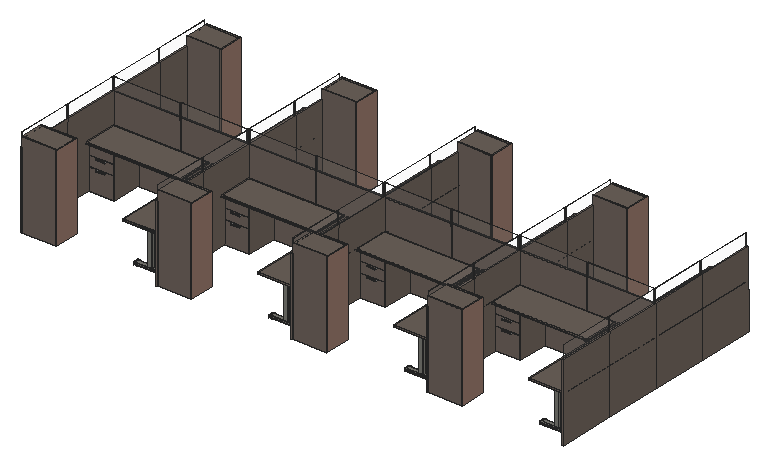
Revit family "OFS TYPICAL T200056", category Furniture, Revit 2022 (continued)
Definition of nested family "STAKS CENTER ELECTRIC ADJUSTABLE HEIGHT BASE Rectangular"
  Automatic sketch dimensions
    Revolve 3 sketch curve to plane 11 = 0' - 0"
    Revolve 3 sketch curve to plane 11 = 0' - 0 3/32"
    Revolve 3 sketch curve to Revolve 3 sketch curve = 0' - 0 9/32"
    plane 12 to Revolve 3 sketch curve = 0' - 0 5/16"
    Revolve 3 sketch curve to Revolve 3 sketch curve = 0' - 0.19198"
    Revolve 3 sketch curve to plane 11 = 0' - 0.16748"
    Revolve 3 sketch curve to Revolve 3 sketch curve = 0' - 0.09555"
    plane 16 to Extrusion 4 sketch curve = 0' - 0 1/4"  (x2)
    plane 12 to Extrusion 4 sketch curve = 0' - 0 1/4"
    plane 17 to Extrusion 4 sketch curve = 0' - 0 1/4"
    plane 22 to Extrusion 5 sketch curve = 0' - 0"
    Extrusion 5 sketch curve to plane 25 = 0' - 0"
    Extrusion 5 sketch curve to plane 21 = 0' - 0"
    plane 12 to Extrusion 5 sketch curve = 0' - 0.11516"
    Extrusion 5 sketch curve to plane 16 = 0' - 0 1/8"  (x2)
    Extrusion 5 sketch curve to plane 17 = 0' - 0 1/8"
    plane 6 to Extrusion 5 sketch curve = 0' - 2.54821"
    plane 22 to Blend 6 sketch curve = 0' - 0"
    Blend 6 sketch curve to plane 25 = 0' - 0"
    Blend 6 sketch curve to plane 21 = 0' - 0"
    plane 12 to Blend 6 sketch curve = 0' - 0.11516"
    Blend 6 sketch curve to plane 16 = 0' - 0 1/8"  (x2)
    Blend 6 sketch curve to plane 17 = 0' - 0 1/8"
    plane 6 to Blend 6 sketch curve = 0' - 2.54821"
    Blend 6 sketch curve to plane 12 = 0' - 0"
    plane 16 to Blend 6 sketch curve = 0' - 0 1/4"  (x2)
    plane 12 to Blend 6 sketch curve = 0' - 0 1/4"
    plane 17 to Blend 6 sketch curve = 0' - 0 1/4"
    plane 6 to Blend 6 sketch curve = 0' - 2.04821"
    plane 16 to Extrusion 7 sketch curve = 0' - 0 1/8"
    plane 12 to Extrusion 7 sketch curve = 0' - 0 1/8"
    Extrusion 7 sketch curve to Extrusion 7 sketch curve = 0' - 0 1/8"  (x2)
    Extrusion 7 sketch curve to plane 13 = 0' - 0 1/8"
    plane 17 to Extrusion 7 sketch curve = 0' - 0 1/4"  (x2)
    plane 17 to Extrusion 7 sketch curve = 0' - 0 1/8"
    Extrusion 8 sketch curve to plane 25 = 0' - 0 1/8"
    plane 19 to Extrusion 8 sketch curve = 0' - 0 1/2"
    plane 4 "H LEG TOP" to Extrusion 8 sketch curve = 0' - 0 1/8"
    plane 4 "H LEG TOP" to Extrusion 9 sketch curve = 0' - 0"
    Extrusion 9 sketch curve to plane 23 = 0' - 0"
    Extrusion 9 sketch curve to plane 21 = 0' - 0"
    plane 4 "H LEG TOP" to Extrusion 9 sketch curve = 0' - 0 1/8"
    Extrusion 9 sketch curve to plane 21 = 0' - 0 1/8"
    plane 19 to Extrusion 9 sketch curve = 0' - 0 1/2"
    plane 4 "H LEG TOP" to Extrusion 10 sketch curve = 0' - 0"
    Extrusion 10 sketch curve to plane 24 = 0' - 0"
    Extrusion 10 sketch curve to plane 22 = 0' - 0"
    plane 19 to Extrusion 10 sketch curve = 0' - 0 1/2"
    Extrusion 10 sketch curve to plane 22 = 0' - 0 1/8"
    plane 4 "H LEG TOP" to Extrusion 10 sketch curve = 0' - 0 1/8"
    Extrusion 11 sketch curve to plane 3 "Center (Left/Right)" = 0' - 0"
    Extrusion 11 sketch curve to plane 11 = 0' - 0"
    Extrusion 11 sketch curve to plane 5 = 0' - 0"
    Extrusion 11 sketch curve to plane 10 = 0' - 0"
    Extrusion 12 sketch curve to plane 11 = 0' - 0"
    Extrusion 12 sketch curve to plane 3 "Center (Left/Right)" = 0' - 0"
    Extrusion 12 sketch curve to plane 5 = 0' - 0"
    Extrusion 12 sketch curve to plane 10 = 0' - 0"
    Extrusion 12 sketch curve to plane 5 = 0' - 0 1/4"
    plane 11 to Extrusion 12 sketch curve = 0' - 0 1/4"
    Extrusion 12 sketch curve to plane 10 = 0' - 0 1/4"  (x2)
Definition of nested family "STAKS CORNER SHELF FOR WALL PANEL"
  Parameters (values of type "STAKS CORNER SHELF FOR WALL PANEL")
    Width = 1' - 9"
    Veneer Material = none
    URL = "http://www.ofs.com/"
    Height Above Floor [instance] = 2' - 5"
    Height = 0' - 0 3/4"
    Edge Material = none
    Model = "6-2108SHLF"
    Manufacturer = "OFS"
    Description = "OFS STAKS CORNER SHELF FOR WALL PANEL"
    Depth = 0' - 8"
    Default Elevation = 0' - 0"
    Copyright © = "© 2018 OFS"
    Catalog = "https://ofs.com/products/casegoods/private-office/staks"
    Authoring Version = "Autodesk Revit Architecture 2013"
    Assembly Code = "E2020200"
    3D Laminate Material = none
  Reference planes (in)
    plane 1 "Center (Front/Back)": y = 0
    plane 2: z = 0
    plane 3 "Center (Left/Right)": x = 0
    plane 4: x = 10.5
    plane 5: x = -10.5
    plane 6: y = 4
    plane 7: y = -4
    plane 8: z = 28.25
    plane 9: z = 29
  Forms (in)
    Extrusion 1, solid, material <- "3D Laminate Material"
      sketch origin (3.56329, 81.33771, 7) x (-1, 0, 0) y (0, -1, 0)
        loop
          line (14.06329, 85.33771) -> (-6.93671, 85.33771) -> (1.06329, 77.33771) -> (6.06329, 77.33771) -> (14.06329, 85.33771)
      from 22 to 21.25
  Dimensions and locks (in)
    equal spacing: plane 5, plane 3 "Center (Left/Right)", plane 4
    "Width": plane 5 to plane 4
    "Depth": plane 6 to plane 7
    equal spacing: plane 7, plane 1 "Center (Front/Back)", plane 6
    "Height": plane 9 to plane 8
    "Height Above Floor": plane 9 to level
    aligned and locked: level to plane 2
    aligned and locked: plane 9 to Extrusion 1
    aligned and locked: Extrusion 1 to plane 8
    aligned and locked: plane 4 to Extrusion 1 sketch curve
    aligned and locked: Extrusion 1 sketch curve to plane 6
  Automatic sketch dimensions
    plane 7 to Extrusion 1 sketch curve = 0' - 0"
    plane 3 "Center (Left/Right)" to Extrusion 1 sketch curve = 0' - 2 1/2"
    Extrusion 1 sketch curve to plane 3 "Center (Left/Right)" = 0' - 2 1/2"
    Extrusion 1 sketch curve to plane 5 = 0' - 0"
